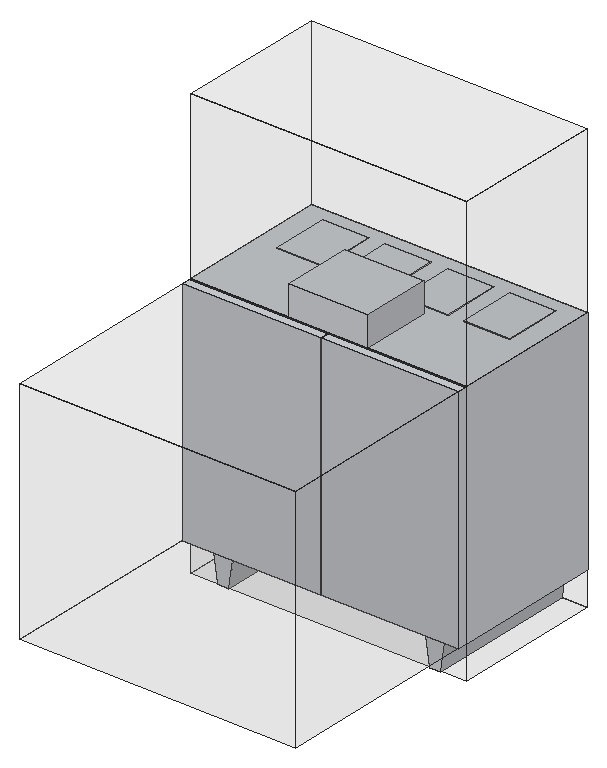
Revit family "AHU 1 _1", category Mechanické zařízení, Revit 2018
Family settings
  Kóta kulaté spojky = Použít průměr
  Typ dílu = Normální
  Číslo OmniClass = 23.75.00.00
  Nadpis OmniClass = Climate Control (HVAC)
  Založené na pracovní rovině = Ne
  Vždy vertikální = Ano
  Ořezat dutým tvarem při načtení = Ne
  Sdílené = Ne
  Bod výpočtu místnosti = Ne
Parameters (values of type "DUPLEXVENT Flexi-V DV900-V (RD5)")
  Width [instance] = 0.7 mm
  Weight [instance] = 187.00 kg
  URL = ""
  Type [instance] = "DUPLEXVENT Flexi-V DV900-V (RD5)"
  Total_SFP [instance] = 0
  Supply_outlet_hum [instance] = 90
  Supply_inlet_hum [instance] = 90
  Supply_ext_pressure [instance] = 0.0 Pa
  Supply_SFP [instance] = 0
  Source_adu_file [instance] = ""
  Recuperation_type [instance] = "Plate heat recovery exchanger"
  Recuperation_efficiency_EN308 [instance] = 0
  Project_name [instance] = ""
  Project_date [instance] = "9.3.2022"
  Power_supply_fusing [instance] = "0"
  Power_supply_cable [instance] = "0"
  Position [instance] = "AHU 1 "
  Phases_count [instance] = 1
  Panel_thickness [instance] = 0.06 mm
  Outer_surface [instance] = "RAL 9002"
  Length [instance] = 1.2 mm
  Insulation_type [instance] = "PUR"
  Insulation_thickness [instance] = 0.05 mm
  Installation_environment [instance] = ""
  Input_power_max [instance] = 770 W
  Inner_surface [instance] = "Pozink"
  I2 [instance] = I1  # 0.0 L/s
  Height [instance] = 1 mm
  Exhaust_outlet_hum [instance] = 0
  Exhaust_inlet_hum [instance] = 40
  Exhaust_ext_pressure [instance] = 0.0 Pa
  Exhaust_SFP [instance] = 0
  E1 [instance] = E2 - M1  # 0.0 L/s
  E2 [instance] = 0.0 L/s
  I1 [instance] = 0.0 L/s
  Description = ""
  M1 [instance] = 0.0 L/s
  Device_dutypoint_version [instance] = "2"
  Device_design_version [instance] = "14"
  Device_adu_id [instance] = "1"
  Current_max [instance] = 5 A
  Casing_mat [instance] = "painted zinc layer"
  Cable type [instance] = "CYKY 3Jx1,5"
Reference planes
  plane 1 "Střed (vpředu/vzadu)": y = 0
  plane 2 "ref": z = 0
  plane 3 "Střed (vlevo/vpravo)": x = 0
Forms (mm)
  Sweep 1, solid
    path origin (0, 0, 0) x (0, 0, 1) y (1, 0, 0)
      loop
        line (0, 0) -> (1000, 0)
    profile origin (0, 0, 0) x (1, 0, 0) y (0, 1, 0)
      loop
        line (0, 0) -> (1200, 0) -> (1200, 655) -> (0, 655) -> (0, 0)
  Sweep 2, solid
    path origin (465, 474, 999) x (0, 0, 1) y (1, 0, 0)
      loop
        line (0, 0) -> (1, 0)
    profile origin (465, 474, 999) x (1, 0, 0) y (0, 1, 0)
      loop
        line (-100, -125) -> (100, -125) -> (100, 125) -> (-100, 125) -> (-100, -125)
  Sweep 3, solid
    path origin (1005, 474, 999) x (0, 0, 1) y (1, 0, 0)
      loop
        line (0, 0) -> (1, 0)
    profile origin (1005, 474, 999) x (1, 0, 0) y (0, 1, 0)
      loop
        line (-100, -125) -> (100, -125) -> (100, 125) -> (-100, 125) -> (-100, -125)
  Sweep 4, solid
    path origin (739, 474, 999) x (0, 0, 1) y (1, 0, 0)
      loop
        line (0, 0) -> (1, 0)
    profile origin (739, 474, 999) x (1, 0, 0) y (0, 1, 0)
      loop
        line (-100, -125) -> (100, -125) -> (100, 125) -> (-100, 125) -> (-100, -125)
  Sweep 5, solid
    path origin (195, 474, 999) x (0, 0, 1) y (1, 0, 0)
      loop
        line (0, 0) -> (1, 0)
    profile origin (195, 474, 999) x (1, 0, 0) y (0, 1, 0)
      loop
        line (-100, -125) -> (100, -125) -> (100, 125) -> (-100, 125) -> (-100, -125)
  Sweep 6, solid
    path origin (263, 52, 0) x (0, -1, 0) y (0, 0, 1)
      loop
        line (0, 0) -> (0, -30)
    profile origin (263, 52, 0) x (-1, 0, 0) y (0, -1, 0)
      loop
        circle (0, 0) r 16
  Sweep 7, solid
    path origin (937, 52, 0) x (0, -1, 0) y (0, 0, 1)
      loop
        line (0, 0) -> (0, -30)
    profile origin (937, 52, 0) x (-1, 0, 0) y (0, -1, 0)
      loop
        circle (0, 0) r 16
  Sweep 8, solid, material "Servisní prostor"
    path origin (0, 0, 0) x (0, 0, 1) y (1, 0, 0)
      loop
        line (0, 0) -> (1000, 0)
    profile origin (0, 0, 0) x (1, 0, 0) y (0, 1, 0)
      loop
        line (0, -930) -> (1200, -930) -> (1200, 0) -> (0, 0) -> (0, -930)
  Sweep 9, solid, material "Servisní prostor"
    path origin (0, 0, 1000) x (0, 0, 1) y (1, 0, 0)
      loop
        line (0, 0) -> (720, 0)
    profile origin (0, 0, 1000) x (1, 0, 0) y (0, 1, 0)
      loop
        line (0, 0) -> (1200, 0) -> (1200, 655) -> (0, 655) -> (0, 0)
  Sweep 10, solid, material "Servisní prostor"
    path origin (0, 0, -150) x (0, 0, 1) y (1, 0, 0)
      loop
        line (0, 0) -> (150, 0)
    profile origin (0, 0, -150) x (1, 0, 0) y (0, 1, 0)
      loop
        line (0, 655) -> (0, 0) -> (1200, 0) -> (1200, 655) -> (0, 655)
  Sweep 11, solid
    path origin (0, 0, 0) x (0, 0, 1) y (1, 0, 0)
      loop
        line (0, 0) -> (1000, 0)
    profile origin (0, 0, 0) x (1, 0, 0) y (0, 1, 0)
      loop
        line (0, -45) -> (600, -45) -> (600, -5) -> (0, -5) -> (0, -45)
  Sweep 12, solid
    path origin (0, 0, 0) x (0, 0, 1) y (1, 0, 0)
      loop
        line (0, 0) -> (1000, 0)
    profile origin (0, 0, 0) x (1, 0, 0) y (0, 1, 0)
      loop
        line (600, -45) -> (1200, -45) -> (1200, -5) -> (600, -5) -> (600, -45)
  Sweep 13, solid
    path origin (139, 655, 0) x (1, 0, 0) y (0, 1, 0)
      loop
        line (0, 0) -> (0, -655)
    profile origin (139, 655, 0) x (1, 0, 0) y (0, 0, 1)
      loop
        line (-45, 0) -> (-25, -150) -> (25, -150) -> (45, 0) -> (-45, 0)
  Sweep 14, solid
    path origin (1062, 655, 0) x (1, 0, 0) y (0, 1, 0)
      loop
        line (0, 0) -> (0, -655)
    profile origin (1062, 655, 0) x (1, 0, 0) y (0, 0, 1)
      loop
        line (-45, 0) -> (-25, -150) -> (25, -150) -> (45, 0) -> (-45, 0)
  Sweep 15, solid
    path origin (0, 0, 1000) x (0, 0, 1) y (1, 0, 0)
      loop
        line (0, 0) -> (130, 0)
    profile origin (0, 0, 1000) x (1, 0, 0) y (0, 1, 0)
      loop
        line (425, 0) -> (770, 0) -> (770, 305) -> (425, 305) -> (425, 0)
  Sweep 16, solid
    path origin (425, 152, 1065) x (0, 0, -1) y (1, 0, 0)
      loop
        line (0, 0) -> (0, -1)
    profile origin (425, 152, 1065) x (0, 0, -1) y (0, -1, 0)
      loop
        circle (0, 0) r 10
Lines and regions (mm)
  model lines, style "Symbol"
    curve 1: line (600, -45, 1000) -> (600, -45, 600)
    curve 2: line (300, -45, 1000) -> (300, -45, 300)
    curve 3: line (900, -45, 1000) -> (900, -45, 300)
    curve 4: line (300, -45, 300) -> (450, -45, 600)
    curve 5: line (450, -45, 600) -> (750, -45, 600)
    curve 6: line (750, -45, 600) -> (900, -45, 300)
    curve 7: line (900, -45, 300) -> (750, -45, 0)
    curve 8: line (750, -45, 0) -> (600, -45, 0)
    curve 9: line (600, -45, 0) -> (450, -45, 0)
    curve 10: line (450, -45, 0) -> (300, -45, 300)
    curve 11: line (961, -45, 713) -> (995, -45, 912)
    curve 12: line (1139, -45, 713) -> (1105, -45, 912)
    curve 13: line (61, -45, 713) -> (95, -45, 912)
    curve 14: line (239, -45, 713) -> (205, -45, 912)
    curve 15: line (330, -45, 800) -> (570, -45, 800)
    curve 16: line (570, -45, 800) -> (570, -45, 700)
    curve 17: line (570, -45, 700) -> (330, -45, 700)
    curve 18: line (330, -45, 700) -> (330, -45, 800)
    curve 19: line (330, -45, 750) -> (450, -45, 700)
    curve 20: line (570, -45, 750) -> (450, -45, 700)
    curve 21: line (630, -45, 800) -> (870, -45, 800)
    curve 22: line (870, -45, 800) -> (870, -45, 700)
    curve 23: line (870, -45, 700) -> (630, -45, 700)
    curve 24: line (630, -45, 700) -> (630, -45, 800)
    curve 25: line (630, -45, 750) -> (750, -45, 700)
    curve 26: line (870, -45, 750) -> (750, -45, 700)
    curve 27: line (235, -45, 340) -> (371, -45, 607)
    curve 28: line (371, -45, 607) -> (425, -45, 580)
    curve 29: line (425, -45, 580) -> (289, -45, 313)
    curve 30: line (289, -45, 313) -> (235, -45, 340)
    curve 31: line (325, -45, 503) -> (390, -45, 524)
    curve 32: line (270, -45, 396) -> (335, -45, 417)
    curve 33: line (0, -45, 0) -> (600, -45, 0)
    curve 34: line (0, -45, 1000) -> (600, -45, 1000)
    curve 35: line (0, -45, 0) -> (0, -45, 1000)
    curve 36: line (600, -45, 0) -> (600, -45, 1000)
    curve 37: line (0, -45, 0) -> (0, -5, 0)
    curve 38: line (600, -45, 0) -> (600, -5, 0)
    curve 39: line (0, -45, 1000) -> (0, -5, 1000)
    curve 40: line (600, -45, 1000) -> (600, -5, 1000)
    curve 41: line (600, -45, 0) -> (1200, -45, 0)
    curve 42: line (600, -45, 1000) -> (1200, -45, 1000)
    curve 43: line (600, -45, 0) -> (600, -45, 1000)
    curve 44: line (1200, -45, 0) -> (1200, -45, 1000)
    curve 45: line (600, -45, 0) -> (600, -5, 0)
    curve 46: line (1200, -45, 0) -> (1200, -5, 0)
    curve 47: line (600, -45, 1000) -> (600, -5, 1000)
    curve 48: line (1200, -45, 1000) -> (1200, -5, 1000)
    curve 49: circle (1050, -45, 800) r 125 normal (0, -1, 0)
    curve 50: circle (150, -45, 800) r 125 normal (0, -1, 0)
    curve 51: circle (357, -45, 513) r 9 normal (0, -1, 0)
    curve 52: circle (303, -45, 407) r 9 normal (0, -1, 0)
Dimensions and locks
  aligned and locked: level to plane 2 "ref"
Connectors
  hvac at (465, 474, 1000), driven by "E1"
    settings: on Sweep 2, index 1, duct flow 0.0 L/s, flow factor 0, pres drop 0.0 Pa, loss coef 0, conn angle 0.00°, conn width 250 mm, conn height 200 mm, conn diameter 609.6 mm, duct sys type 1, conn prof type 1, flow config 1, flow direction 1, loss method 0, conn ref index -1, conn util no, is conn primary yes, conn desc ""
  hvac at (1005, 474, 1000), driven by "E2"
    settings: on Sweep 3, index 2, duct flow 0.0 L/s, flow factor 1, pres drop 0.0 Pa, loss coef 0, conn angle 0.00°, conn width 250 mm, conn height 200 mm, conn diameter 609.6 mm, duct sys type 1, conn prof type 1, flow config 2, flow direction 2, loss method 0, conn ref index -1, conn util no, is conn primary no, conn desc ""
  hvac at (739, 474, 1000), driven by "I1"
    settings: on Sweep 4, index 3, duct flow 0.0 L/s, flow factor 1, pres drop 0.0 Pa, loss coef 0, conn angle 0.00°, conn width 250 mm, conn height 200 mm, conn diameter 609.6 mm, duct sys type 3, conn prof type 1, flow config 2, flow direction 1, loss method 0, conn ref index -1, conn util no, is conn primary no, conn desc ""
  hvac at (195, 474, 1000), driven by "I2"
    settings: on Sweep 5, index 4, duct flow 0.0 L/s, flow factor 0, pres drop 0.0 Pa, loss coef 0, conn angle 0.00°, conn width 250 mm, conn height 200 mm, conn diameter 609.6 mm, duct sys type 3, conn prof type 1, flow config 1, flow direction 2, loss method 0, conn ref index -1, conn util no, is conn primary no, conn desc ""
  piping at (263, 52, -30), diameter 22
    settings: on Sweep 6, index 5, connector inside diameter 609.6 mm, connector length 0 mm, flow factor 0, pipe flow 0.0 L/s, pressure drop 0.0 Pa, fitting loss kfactor 0, connector angle 0.00°, fixture units 0, engagement length 0 mm, angle of deflection 0.00°, flow configuration 1, flow direction 2, fitting loss method 0, system type 16, joint type 0, gender type 0, connector reference index -1, connector utility 0, adjustable connector no, is connector primary yes, connector description ""
  piping at (937, 52, -30), diameter 22
    settings: on Sweep 7, index 6, connector inside diameter 609.6 mm, connector length 0 mm, flow factor 0, pipe flow 0.0 L/s, pressure drop 0.0 Pa, fitting loss kfactor 0, connector angle 0.00°, fixture units 0, engagement length 0 mm, angle of deflection 0.00°, flow configuration 1, flow direction 2, fitting loss method 0, system type 16, joint type 0, gender type 0, connector reference index -1, connector utility 0, adjustable connector no, is connector primary no, connector description ""
  electrical at (424, 152, 1065)
    settings: on Sweep 16, index 7, voltage 230 V, apparent load 0 VA, apparent load phase1 0 VA, apparent load phase2 0 VA, apparent load phase3 0 VA, power factor 1, load classification "Další", number of poles 1, system type 31, power factor state 1, is connector primary yes, connector utility no, sub classification motor no, connector description ""
